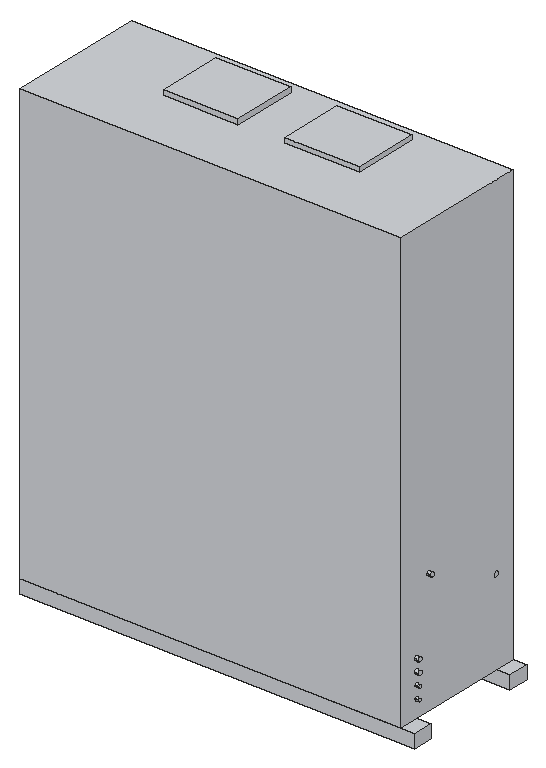
Revit family "M_Ar condicionado - Pacote vertical - Resfriado a ar - 35-53kW", category Equipamento mecânico, Revit 2019
Family settings
  Cota do conector redondo = Usar raio
  Tipo de parte = Normal
  Número OmniClass = 23.75.10.24.21.27.11
  Título OmniClass = Packaged Air Conditioners
  ID de item do Seek = Air Conditioner - Vertical Packaged - Air Cooled - 35-53 kW-0000-CAN-ENU
  Com base no plano de trabalho = Não
  Sempre na vertical = Sim
  Corte com vazios quando carregada = Não
  Compartilhado = Não
  Ponto de cálculo do ambiente = Não
Parameters (values of type "53 kW")
  Voltagem = 460 V
  Raio da saída = 10 mm
  Diâmetro da saída = Raio da saída * 2  # 20 mm
  Número de pólos = 3
  Material = none
  Classificação de carga = Refrigeração
  Raio da embocadura = 6 mm
  Diâmetro da embocadura = Raio da embocadura * 2  # 12 mm
  Altura 1 = 648 mm
  Largura do duto = 400 mm
  Altura do duto = 350 mm
  Raio da drenagem = 10 mm
  Fluxo da drenagem [instance] = 0.0 L/s
  Largura do condicionador = 749.8 mm
  Comprimento do condicionador = 2039.8 mm
  Altura do condicionador = 2354.9 mm
  C7 Deslocamento 2 = 182.4 mm
  C7 Deslocamento 1 = 736.9 mm
  C5 Deslocamento 2 = 460.8 mm
  C5 Deslocamento 1 = 110.5 mm
  C4 Deslocamento 2 = 65 mm
  C3 Deslocamento 2 = 65 mm
  C2 Deslocamento 2 = 65 mm
  C6 Deslocamento1 = 503.6 mm
  C1 Deslocamento 2 = 100.1 mm
  C1 Deslocamento 1 = 100.1 mm
  Assembly Code = ""
  Carga aparente = 16700 VA
  Fluxo de ar [instance] = 1415.84 L/s
Types (3, lengths in mm): name | Material | Comprimento do condicionador | Altura do condicionador | C7 Deslocamento 2 | C7 Deslocamento 1 | C5 Deslocamento 2 | C6 Deslocamento1 | Carga aparente | Fluxo de ar
  35 kW | Barreira de infiltração de ar | 1670.1 | 2255 | 190 | 635 | 360.7 | 178.8 | 12400 VA | 943.89 L/s
  42 kW | none | 1670.1 | 2354.9 | 190 | 736.9 | 460.8 | 178.8 | 13100 VA | 1132.67 L/s
  53 kW | none | 2039.8 | 2354.9 | 182.4 | 736.9 | 460.8 | 503.6 | 16700 VA | 1415.84 L/s
Reference planes
  plane 1 "Centro (Frente/Trás)": y = 0
  plane 2: z = 0
  plane 3 "Centro (Esquerda/Direita)": x = 0
  plane 4: y = 749.8
  plane 5: x = 2039.8
  plane 6: z = 2425.004
  plane 7: z = 70.104
  plane 8: z = 1247.554
  plane 9: z = 1571.554
  plane 10: z = 923.554
  plane 11: x = 50.8
  plane 12: x = 1989
  plane 13: y = 640.58
  plane 14: y = 109.22
  plane 15: x = 2116
  plane 16: y = 100.1
  plane 17: z = 235.204
  plane 18: z = 170.204
  plane 19: y = 639.3
  plane 20: z = 530.904
  plane 21: x = 2065.2
  plane 22: x = 2014.4
  plane 23: x = -25.4
  plane 24: z = 300.204
  plane 25: z = 365.204
  plane 26: x = 503.6
  plane 27: x = 903.6
  plane 28: x = 1153.536
  plane 29: y = 681.986
  plane 30: y = 331.986
  plane 31: x = 1553.536
  plane 32: z = 2450.404
  plane 33: z = 736.9
  plane 34: y = 182.4
Forms (mm)
  Extrusion 1, solid, material <- "Material"
    sketch origin (0, 0, 0) x (1, 0, 0) y (0, 1, 0)
      loop
        line (0, 749.8) -> (0, 0) -> (2039.8, 0) -> (2039.8, 749.8) -> (0, 749.8)
    from 70.104 to 2425.004
  Extrusion 2, solid, material <- "Material"
    sketch origin (0, 0, 0) x (1, 0, 0) y (0, 1, 0)
      loop
        line (0, 749.8) -> (0, 640.58) -> (2116, 640.58) -> (2116, 749.8) -> (0, 749.8)
    from 0 to 70.104
  Extrusion 3, solid, material <- "Material"
    sketch origin (0, 0, 0) x (1, 0, 0) y (0, 1, 0)
      loop
        line (0, 109.22) -> (0, 0) -> (2116, 0) -> (2116, 109.22) -> (0, 109.22)
    from 0 to 70.104
  Extrusion 4, solid, material <- "Material"
    sketch origin (0, 0, 0) x (0, 1, 0) y (0, 0, 1)
      loop
        circle (100.1, 235.204) r 6
    from 2039.8 to 2065.2
  Extrusion 5, solid, material <- "Material"
    sketch origin (0, 0, 0) x (0, 1, 0) y (0, 0, 1)
      loop
        circle (100.1, 170.204) r 6
    from 2039.8 to 2065.2
  Extrusion 6, solid, material <- "Material"
    sketch origin (0, 0, 0) x (0, 1, 0) y (0, 0, 1)
      loop
        circle (639.3, 530.904) r 12.7
    from 2014.4 to 2039.8
  Extrusion 7, solid, material <- "Material"
    sketch origin (0, 0, 0) x (0, 1, 0) y (0, 0, 1)
      loop
        circle (100.1, 365.204) r 10
    from 2039.8 to 2065.2
  Extrusion 8, solid, material <- "Material"
    sketch origin (0, 0, 0) x (0, 1, 0) y (0, 0, 1)
      loop
        circle (100.1, 300.204) r 10
    from 2039.8 to 2065.2
  Extrusion 9, solid
    sketch origin (0, 0, 0) x (1, 0, 0) y (0, 1, 0)
      loop
        line (503.6, 681.986) -> (503.6, 331.986) -> (903.6, 331.986) -> (903.6, 681.986) -> (503.6, 681.986)
      loop
        line (1153.536, 681.986) -> (1153.536, 331.986) -> (1553.536, 331.986) -> (1553.536, 681.986) -> (1153.536, 681.986)
    from 2450.404 to 2425.004
  Extrusion 10, solid
    sketch origin (2039.8, 1258.549, 1219.2) x (0, 1, 0) y (0, 0, 1)
      loop
        circle (-1076.149, -482.3) r 10
    from 0 to 25.4
Lines and regions (mm)
  model lines, detail levels fine
    curve 1: line (50.8, 0, 1571.554) -> (1989, 0, 1571.554)
    curve 2: line (50.8, 0, 923.554) -> (50.8, 0, 1571.554)
    curve 3: line (1989, 0, 923.554) -> (50.8, 0, 923.554)
    curve 4: line (1989, 0, 1571.554) -> (1989, 0, 923.554)
    curve 5: line (50.8, 0, 1247.554) -> (1989, 0, 1247.554)
    curve 6: line (50.8, 0, 1463.554) -> (1989, 0, 1463.554)
    curve 7: line (50.8, 0, 1139.554) -> (1989, 0, 1139.554)
    curve 8: line (50.8, 0, 1031.554) -> (1989, 0, 1031.554)
    curve 9: line (50.8, 0, 1355.554) -> (1989, 0, 1355.554)
Dimensions and locks
  "Comprimento do condicionador": plane 3 "Centro (Esquerda/Direita)" to plane 5
  "Largura do condicionador": plane 4 to plane 1 "Centro (Frente/Trás)"
  locked: plane 7 to plane 2 at 70.104
  "Altura do condicionador": plane 6 to plane 7
  equal spacing: plane 6, plane 8, plane 7
  equal spacing: plane 9, plane 8, plane 10
  "Altura 1": plane 9 to plane 10
  locked: plane 11 to plane 3 "Centro (Esquerda/Direita)" at 50.8
  locked: plane 5 to plane 12 at 50.8
  locked: plane 4 to plane 13 at 109.22
  locked: plane 14 to plane 1 "Centro (Frente/Trás)" at 109.22
  locked: plane 5 to plane 15 at 76.2
  "C1 Deslocamento 1": plane 1 "Centro (Frente/Trás)" to plane 16
  "C1 Deslocamento 2": plane 18 to plane 7
  "C3 Deslocamento 2": plane 17 to plane 18
  "C5 Deslocamento 1": plane 19 to plane 4
  "C5 Deslocamento 2": plane 20 to plane 7
  locked: plane 21 to plane 5 at 25.4
  locked: plane 5 to plane 22 at 25.4
  locked: plane 3 "Centro (Esquerda/Direita)" to plane 23 at 25.4
  equal spacing: curve 1, curve 6, curve 9, curve 5, curve 7, curve 8, curve 3
  "C2 Deslocamento 2": plane 24 to plane 17
  "C4 Deslocamento 2": plane 25 to plane 24
  "Largura do duto": plane 28 to plane 31
  "Largura do duto": plane 26 to plane 27
  "C6 Deslocamento1": plane 3 "Centro (Esquerda/Direita)" to plane 26
  locked: plane 27 to plane 28 at 249.936
  "Altura do duto": plane 29 to plane 30
  locked: plane 4 to plane 29 at 67.814
  locked: plane 32 to plane 6 at 25.4
  "C7 Deslocamento 1": plane 33 to plane 2
  "C7 Deslocamento 2": plane 34 to plane 1 "Centro (Frente/Trás)"
  "Raio da embocadura": radius of Extrusion 4 sketch curve
  "Raio da embocadura": radius of Extrusion 5 sketch curve
  radius of Extrusion 6 sketch curve = 12.7 mm
  "Raio da saída": radius of Extrusion 7 sketch curve
  "Raio da saída": radius of Extrusion 8 sketch curve
  "Raio da drenagem": radius of Extrusion 10 sketch curve
  aligned and locked: Extrusion 1 to plane 3 "Centro (Esquerda/Direita)"
  aligned and locked: Extrusion 1 to plane 4
  aligned and locked: plane 5 to Extrusion 1
  aligned and locked: plane 1 "Centro (Frente/Trás)" to Extrusion 1
  aligned and locked: Extrusion 1 to plane 6
  aligned and locked: Extrusion 1 to plane 7
  aligned and locked: plane 11 to curve 1
  aligned and locked: curve 1 to plane 9
  aligned and locked: curve 4 to plane 12
  aligned and locked: Extrusion 2 to plane 13
  aligned and locked: Extrusion 3 to plane 14
  aligned and locked: Extrusion 2 to plane 4
  aligned and locked: plane 1 "Centro (Frente/Trás)" to Extrusion 3
  aligned and locked: plane 15 to Extrusion 2
  aligned and locked: Extrusion 3 to plane 15
  aligned and locked: Extrusion 2 to plane 3 "Centro (Esquerda/Direita)"
  aligned and locked: Extrusion 3 to plane 3 "Centro (Esquerda/Direita)"
  aligned and locked: Extrusion 3 to plane 2
  aligned and locked: Extrusion 2 to plane 2
  aligned and locked: Extrusion 3 to plane 7
  aligned and locked: Extrusion 2 to plane 7
  aligned and locked: plane 17 to Extrusion 4 sketch curve
  aligned and locked: plane 16 to Extrusion 4 sketch curve
  aligned and locked: plane 16 to Extrusion 5 sketch curve
  aligned and locked: plane 18 to Extrusion 5 sketch curve
  aligned and locked: plane 19 to Extrusion 6 sketch curve
  aligned and locked: plane 20 to Extrusion 6 sketch curve
  aligned and locked: plane 21 to Extrusion 4
  aligned and locked: plane 21 to Extrusion 5
  aligned and locked: Extrusion 4 to plane 5
  aligned and locked: Extrusion 5 to plane 5
  aligned and locked: plane 22 to Extrusion 6
  aligned and locked: plane 5 to Extrusion 6
  aligned and locked: plane 11 to curve 6
  aligned and locked: plane 12 to curve 6
  aligned and locked: plane 25 to Extrusion 7 sketch curve
  aligned and locked: plane 16 to Extrusion 7 sketch curve
  aligned and locked: plane 16 to Extrusion 8 sketch curve
  aligned and locked: plane 24 to Extrusion 8 sketch curve
  aligned and locked: plane 21 to Extrusion 7
  aligned and locked: plane 21 to Extrusion 8
  aligned and locked: Extrusion 7 to plane 5
  aligned and locked: Extrusion 8 to plane 5
  aligned and locked: plane 26 to Extrusion 9 sketch curve
  aligned and locked: Extrusion 9 sketch curve to plane 29  (x2)
  aligned and locked: plane 30 to Extrusion 9 sketch curve  (x2)
  aligned and locked: Extrusion 9 sketch curve to plane 27
  aligned and locked: plane 28 to Extrusion 9 sketch curve
  aligned and locked: Extrusion 9 sketch curve to plane 31
  aligned and locked: Extrusion 9 to Extrusion 1
  aligned and locked: plane 32 to Extrusion 9
  aligned and locked: plane 33 to Extrusion 10 sketch curve
  aligned and locked: plane 34 to Extrusion 10 sketch curve
  aligned and locked: Extrusion 10 to Extrusion 1
  aligned and locked: Extrusion 4 to Extrusion 10
Automatic sketch dimensions
  Extrusion 1 sketch curve to plane 1 "Centro (Frente/Trás)" = 0 mm
  Extrusion 1 sketch curve to plane 3 "Centro (Esquerda/Direita)" = 0 mm
  Extrusion 1 sketch curve to plane 5 = 0 mm
  Extrusion 1 sketch curve to plane 4 = 0 mm
  Extrusion 2 sketch curve to plane 3 "Centro (Esquerda/Direita)" = 0 mm
  plane 5 to Extrusion 2 sketch curve = 76.2 mm
  Extrusion 2 sketch curve to plane 4 = 109.22 mm
  Extrusion 2 sketch curve to plane 4 = 0 mm
  Extrusion 3 sketch curve to plane 3 "Centro (Esquerda/Direita)" = 0 mm
  Extrusion 3 sketch curve to plane 1 "Centro (Frente/Trás)" = 0 mm
  plane 5 to Extrusion 3 sketch curve = 76.2 mm
  Extrusion 3 sketch curve to Extrusion 3 sketch curve = 109.22 mm
  curve 4 to plane 10 = 0 mm
Connectors
  piping at (2065.2, 100.1, 170.204), diameter 12, driven by "Raio da embocadura"
    settings: on Extrusion 5, index 1, connector inside diameter 12 mm, connector length 0 mm, flow factor 0, pipe flow 0.0 L/s, pressure drop 0.0 Pa, fitting loss kfactor 0, connector angle 0.00°, fixture units 0, engagement length 0 mm, angle of deflection 0.00°, flow configuration 1, flow direction 1, fitting loss method 0, system type 22, joint type 0, gender type 0, connector reference index -1, connector utility 0, adjustable connector no, is connector primary yes, connector description "Entrada de material criogênico"
  piping at (2065.2, 100.1, 300.204), diameter 12, driven by "Raio da embocadura"
    settings: on Extrusion 8, index 2, connector inside diameter 12 mm, connector length 0 mm, flow factor 0, pipe flow 0.0 L/s, pressure drop 0.0 Pa, fitting loss kfactor 0, connector angle 0.00°, fixture units 0, engagement length 0 mm, angle of deflection 0.00°, flow configuration 1, flow direction 2, fitting loss method 0, system type 22, joint type 0, gender type 0, connector reference index -1, connector utility 0, adjustable connector no, is connector primary no, connector description "Entrada de material criogênico"
  piping at (2065.2, 100.1, 235.204), diameter 20, driven by "Raio da saída"
    settings: on Extrusion 4, index 5, connector inside diameter 20 mm, connector length 0 mm, flow factor 0, pipe flow 0.0 L/s, pressure drop 0.0 Pa, fitting loss kfactor 0, connector angle 0.00°, fixture units 0, engagement length 0 mm, angle of deflection 0.00°, flow configuration 1, flow direction 1, fitting loss method 0, system type 22, joint type 0, gender type 0, connector reference index -1, connector utility 0, adjustable connector no, is connector primary no, connector description "Saída de material criogênico"
  piping at (2065.2, 100.1, 365.204), diameter 20, driven by "Raio da saída"
    settings: on Extrusion 7, index 6, connector inside diameter 20 mm, connector length 0 mm, flow factor 0, pipe flow 0.0 L/s, pressure drop 0.0 Pa, fitting loss kfactor 0, connector angle 0.00°, fixture units 0, engagement length 0 mm, angle of deflection 0.00°, flow configuration 1, flow direction 2, fitting loss method 0, system type 22, joint type 0, gender type 0, connector reference index -1, connector utility 0, adjustable connector no, is connector primary no, connector description "Saída de material criogênico"
  electrical at (2039.8, 639.3, 530.904), driven by "Carga aparente", driven by "Voltagem", driven by "Número de pólos", driven by "Classificação de carga"
    settings: on Extrusion 6, index 9, voltage 460 V, apparent load 16700 VA, apparent load phase1 0 VA, apparent load phase2 0 VA, apparent load phase3 0 VA, power factor 0.8, load classification "Refrigeração", number of poles 3, system type 30, power factor state 1, is connector primary yes, connector utility no, sub classification motor no, connector description ""
  hvac at (703.6, 506.986, 2450.404), driven by "Fluxo de ar", driven by "Altura do duto", driven by "Largura do duto"
    settings: on Extrusion 9, index 10, duct flow 1415.84 L/s, flow factor 0, pres drop 0.0 Pa, loss coef 0, conn angle 0.00°, conn width 400 mm, conn height 350 mm, conn diameter 609.6 mm, duct sys type 1, conn prof type 1, flow config 0, flow direction 2, loss method 0, conn ref index -1, conn util no, is conn primary yes, conn desc ""
  hvac at (1353.536, 506.986, 2450.404), driven by "Fluxo de ar", driven by "Altura do duto", driven by "Largura do duto"
    settings: on Extrusion 9, index 11, duct flow 1415.84 L/s, flow factor 0, pres drop 0.0 Pa, loss coef 0, conn angle 0.00°, conn width 400 mm, conn height 350 mm, conn diameter 609.6 mm, duct sys type 1, conn prof type 1, flow config 0, flow direction 2, loss method 0, conn ref index -1, conn util no, is conn primary no, conn desc ""
  piping at (2065.2, 182.4, 736.9), diameter 20, driven by "Raio da drenagem", driven by "Fluxo da drenagem"
    settings: on Extrusion 10, index 12, connector inside diameter 20 mm, connector length 0 mm, flow factor 0, pipe flow 0.0 L/s, pressure drop 0.0 Pa, fitting loss kfactor 0, connector angle 0.00°, fixture units 0, engagement length 0 mm, angle of deflection 0.00°, flow configuration 1, flow direction 2, fitting loss method 0, system type 16, joint type 0, gender type 0, connector reference index -1, connector utility 0, adjustable connector yes, is connector primary no, connector description ""
